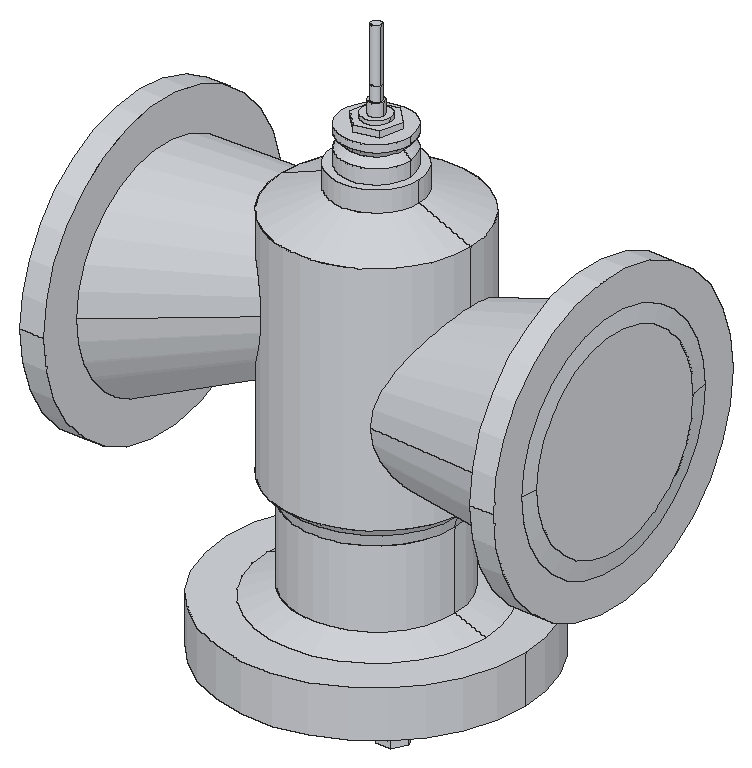
Revit family "2FGB_PN16_DN125_RFA_2019", category Pipe Accessories, Revit 2019
Family settings
  Round Connector Dimension = Use Diameter
  Part Type = Valve - Breaks Into
  Work Plane-Based = No
  Always vertical = Yes
  Cut with Voids When Loaded = No
  Shared = No
Parameters (values of type "2FGB PN16 DN125")
  magiProductId = ""
  magiProductFamilyId = ""
  magiPartTypeId = 306
  isMeasuringValve [instance] = no
  ang2D [instance] = 0.00°
  Z9 = 4.2 mm
  Z8 = 5.7 mm
  Z7 = 3 mm
  Z6 = 6 mm
  Z5 = 6 mm
  Z4 = 12 mm
  Z3 = 196.45 mm
  Z19 = 9.9 mm
  Z15 = 48.65 mm
  Z14__ve = -Z14  # -17.375 mm
  Z14 = 17.375 mm
  Z13 = 9.22 mm
  Z12 = 64.54 mm
  Z10 = 5.1 mm
  X4 = 39.6 mm
  X2__ve = -X2  # -19.8 mm
  X2 = 19.8 mm
  X1 = 2 mm
  W2D = 125 mm
  VersionID = ""
  Use Minimum Symbol Size [instance] = yes
  URL = "www.hydronix.cz"
  Type Comments = "Přírubový; EQM charakteristika; PN16; -10~+150°C"
  R9 = 4 mm
  R7 = 11.547 mm
  R6 = 19.246 mm
  R5 = 22.81 mm
  R4 = 28.512 mm
  R3 = 35.64 mm
  R2 = 68.625 mm
  R13 = 65.88 mm
  R12 = 6.062 mm
  R1 = 54.9 mm
  QmdConnectorList = "301;D;302;D"
  Productdata [instance] = "2FGB125 (DN125; PN16; kvs200)"
  Manufacturer = "Hydronix"
  Maintenance Zone Under Depth [instance] = 207 mm
  Maintenance Zone Right Depth [instance] = 175 mm
  Maintenance Zone Over Depth [instance] = 221 mm
  Maintenance Zone Left Depth [instance] = 175 mm
  Maintenance Zone Front Depth [instance] = 110 mm
  Maintenance Zone Back Depth [instance] = 110 mm
  Maintenance Zone Front Visibility [instance] = no
  LT2 = 200 mm
  L2D_Min = 3048 mm
  L2D = 400 mm
  HCDT2 = 91.5 mm
  H4 = 234 mm
  H3 = 139 mm
  H2 = 45 mm
  FDT2 = 125 mm
  Description = "2 cestný regulační ventil přírubový; DN125; PN16; kvs200; zdvih 45mm"
  D4 = 81.6 mm
  D3 = 96 mm
  D2 = 79.2 mm
  D = 125 mm
  CenSd_R6_6 = R6 * cos(30.00°)  # 16.667 mm
  CenSd_A_6 = A * cos(30.00°)  # 10.825 mm
  Clearance Zone Height Depth [instance] = 221 mm
  CZONC [instance] = 175 mm
  Clearance Zone Visibility [instance] = no
  B1 = 74.246 mm
  A = 12.5 mm
Types (5, lengths in mm): name | Z9 | Z8 | Z6 | Z5 | Z4 | Z3 | Z19 | Z15 | Z14__ve | Z14 | Z13 | Z12 | Z10 | X4 | X2__ve | X2 | W2D | R7 | R6 | R5 | R4 | R3 | R2 | R13 | R12 | R1 | Productdata | LT2 | L2D | HCDT2 | H4 | H3 | H2 | FDT2 | Description | D4 | D3 | D2 | D | CenSd_R6_6 | CenSd_A_6 | B1 | A
  2FGB PN16 DN100 | 4.165 | 5.602 | 5.95 | 5.95 | 11.9 | 168.575 | 9.767 | 40.775 | -14.562 | 14.562 | 8.12 | 56.84 | 5.082 | 34.6 | -17.3 | 17.3 | 100 | 10.089 | 16.816 | 19.93 | 24.912 | 31.14 | 57.375 | 55.08 | 5.297 | 45.9 | "2FGB100 (DN100; PN16; kvs130)" | 175 | 350 | 76.5 | 207 | 116.5 | 45 | 110 | "2 cestný regulační ventil přírubový; DN100; PN16; kvs130; zdvih 45mm" | 68.85 | 81 | 69.2 | 100 | 14.563 | 9.526 | 63.64 | 11
  2FGB PN16 DN080 | 4.2 | 5.7 | 6 | 6 | 12 | 151.95 | 9.9 | 36.75 | -13.125 | 13.125 | 7.32 | 51.24 | 5.1 | 30.6 | -15.3 | 15.3 | 80 | 8.923 | 14.872 | 17.626 | 22.032 | 27.54 | 49.875 | 47.88 | 4.685 | 39.9 | "2FGB80 (DN80; PN16; kvs100)" | 155 | 310 | 66.5 | 187 | 105 | 45 | 100 | "2 cestný regulační ventil přírubový; DN80; PN16; kvs100; zdvih 45mm" | 60.35 | 71 | 61.2 | 80 | 12.879 | 8.66 | 56.569 | 10
  2FGB PN16 DN065 | 4.2 | 5.7 | 6 | 6 | 12 | 139.45 | 9.9 | 33.25 | -11.875 | 11.875 | 6.82 | 47.74 | 5.1 | 28.6 | -14.3 | 14.3 | 65 | 8.34 | 13.9 | 16.474 | 20.592 | 25.74 | 44.25 | 42.48 | 4.378 | 35.4 | "2FGB65 (DN65; PN16; kvs63)" | 145 | 290 | 59 | 175 | 95 | 25 | 92.5 | "2 cestný regulační ventil přírubový; DN65; PN16; kvs63; zdvih 25mm" | 53.975 | 63.5 | 57.2 | 65 | 12.037 | 8.011 | 51.265 | 9.25
  2FGB PN16 DN150 | 4.2 | 5.7 | 6 | 6 | 12 | 227.45 | 9.9 | 54.95 | -19.625 | 19.625 | 10.97 | 76.79 | 5.1 | 47.6 | -23.8 | 23.8 | 150 | 13.88 | 23.134 | 27.418 | 34.272 | 42.84 | 77.625 | 74.52 | 7.287 | 62.1 | "2FGB150 (DN150; PN16; kvs300)" | 240 | 480 | 103.5 | 277 | 157 | 45 | 142.5 | "2 cestný regulační ventil přírubový; DN150; PN16; kvs300; zdvih 45mm" | 92.65 | 109 | 95.2 | 150 | 20.034 | 12.341 | 84.853 | 14.25
  2FGB PN16 DN125 | 4.2 | 5.7 | 6 | 6 | 12 | 196.45 | 9.9 | 48.65 | -17.375 | 17.375 | 9.22 | 64.54 | 5.1 | 39.6 | -19.8 | 19.8 | 125 | 11.547 | 19.246 | 22.81 | 28.512 | 35.64 | 68.625 | 65.88 | 6.062 | 54.9 | "2FGB125 (DN125; PN16; kvs200)" | 200 | 400 | 91.5 | 234 | 139 | 45 | 125 | "2 cestný regulační ventil přírubový; DN125; PN16; kvs200; zdvih 45mm" | 81.6 | 96 | 79.2 | 125 | 16.667 | 10.825 | 74.246 | 12.5
Reference planes
  plane 1 "Center (Front/Back)": y = 0
  plane 2 "XYPLANE": z = 0
  plane 3 "Center (Left/Right)": x = 0
  plane 4 "234": y = -74.246
  plane 5 "233": x = 74.246
  plane 6 "232": x = -74.246
  plane 7 "231": y = 74.246
  plane 8 "225": z = -224
  plane 9 "223": z = 221
  plane 10 "221": x = -175
  plane 11 "220": x = 175
  plane 12 "219": y = -110
  plane 13 "218": y = 110
  plane 14 "196": z = -207
  plane 15 "182": z = 199
  plane 16 "161": z = 187
  plane 17 "158": z = 181.3
  plane 18 "150": z = 177.1
  plane 19 "148": z = 174.1
  plane 20 "142": z = 169
  plane 21 "136": z = 163
  plane 22 "135": z = 157
  plane 23 "131": z = 151
  plane 24 "78": z = 104.25
  plane 25 "77": z = 121.625
  plane 26 "74": z = 139
  plane 27 "70": z = -92.2
  plane 28 "65": z = -101.42
  plane 29 "64": z = -110.64
  plane 30 "58": z = -175.18
  plane 31 "57": z = -184.4
  plane 32 "46": z = -234
  plane 33 "28": x = 178.2
  plane 34 "27": x = 198
  plane 35 "21": z = -20
  plane 36 "16": z = 48.65
  plane 37 "13": x = -178.2
  plane 38 "7": x = -198
  plane 39 "6": x = 200
  plane 40 "5": x = -200
  plane 41 "3": y = 0
  plane 42 "2": z = 0
  plane 43 "1": x = 0
Forms (mm)
  Extrusion 1, solid
    sketch origin (-750, 0, -234) x (1, 0, 0) y (0, 1, 0)
      loop
        line (836.746, -74.246) -> (830.496, -63.421) -> (817.996, -63.421) -> (811.746, -74.246) -> (817.996, -85.072) -> (830.496, -85.072) -> (836.746, -74.246)
    from 0 to 10
  Extrusion 2, solid
    sketch origin (-750, 0, -234) x (1, 0, 0) y (0, 1, 0)
      loop
        line (688.254, -74.246) -> (682.004, -63.421) -> (669.504, -63.421) -> (663.254, -74.246) -> (669.504, -85.072) -> (682.004, -85.072) -> (688.254, -74.246)
    from 0 to 10
  Extrusion 3, solid
    sketch origin (-750, 0, -234) x (1, 0, 0) y (0, 1, 0)
      loop
        line (836.746, 74.246) -> (830.496, 85.072) -> (817.996, 85.072) -> (811.746, 74.246) -> (817.996, 63.421) -> (830.496, 63.421) -> (836.746, 74.246)
    from 0 to 10
  Extrusion 4, solid
    sketch origin (-750, 0, -234) x (1, 0, 0) y (0, 1, 0)
      loop
        line (688.254, 74.246) -> (682.004, 85.072) -> (669.504, 85.072) -> (663.254, 74.246) -> (669.504, 63.421) -> (682.004, 63.421) -> (688.254, 74.246)
    from 0 to 10
  Blend 5, solid, visible <- "Maintenance Zone Front Visibility"
    base sketch origin (-750, 0, 221) x (1, 0, 0) y (0, 1, 0)
      loop
        line (575, 110) -> (575, -110) -> (925, -110) -> (925, 110) -> (575, 110)
    top sketch origin (-750, 0, 221) x (1, 0, 0) y (0, 1, 0)
      loop
        line (575, 110) -> (575, -110) -> (925, -110) -> (925, 110) -> (575, 110)
    from 0 to -428
  Extrusion 6, solid, visible <- "Clearance Zone Visibility"
    sketch origin (-750, 0, 0) x (1, 0, 0) y (0, 1, 0)
      loop
        circle (750, 0) r 175
    from 0 to 221 <- "Clearance Zone Height Depth"
  Extrusion 7, solid
    sketch origin (-750, 0, 177.1) x (1, 0, 0) y (0, 1, 0)
      loop
        circle (750, 0) r 6.062
    from 0 to 9.9 <- "Z19"
  Extrusion 8, solid
    sketch origin (-750, 0, 199) x (1, 0, 0) y (0, 1, 0)
      loop
        circle (750, 0) r 4
    from 0 to 45 <- "H2"
  Extrusion 9, solid
    sketch origin (-750, 0, 187) x (1, 0, 0) y (0, 1, 0)
      loop
        circle (750, 0) r 4
    from 0 to 12 <- "Z4"
  Extrusion 10, solid
    sketch origin (-750, 0, 174.1) x (1, 0, 0) y (0, 1, 0)
      loop
        circle (750, 0) r 11.547
    from 0 to 3 <- "Z7"
  Extrusion 11, solid
    sketch origin (-750, 0, 169) x (1, 0, 0) y (0, 1, 0)
      loop
        line (763.609, -13.609) -> (768.59, 4.981) -> (754.981, 18.59) -> (736.391, 13.609) -> (731.41, -4.981) -> (745.019, -18.59) -> (763.609, -13.609)
    from 0 to 5.1 <- "Z10"
  Extrusion 12, solid
    sketch origin (-750, 0, 163) x (1, 0, 0) y (0, 1, 0)
      loop
        circle (750, 0) r 28.512
    from 0 to 6 <- "Z6"
  Blend 13, solid
    base sketch origin (-750, 0, 157) x (1, 0, 0) y (0, 1, 0)
      loop
        circle (750, 0) r 22.81
    top sketch origin (-750, 0, 157) x (1, 0, 0) y (0, 1, 0)
      loop
        circle (750, 0) r 28.512
    from 0 to 6
  Blend 14, solid
    base sketch origin (-750, 0, 151) x (1, 0, 0) y (0, 1, 0)
      loop
        circle (750, 0) r 28.512
    top sketch origin (-750, 0, 151) x (1, 0, 0) y (0, 1, 0)
      loop
        circle (750, 0) r 22.81
    from 0 to 6
  Extrusion 15, solid
    sketch origin (-750, 0, 139) x (1, 0, 0) y (0, 1, 0)
      loop
        circle (750, 0) r 28.512
    from 0 to 12 <- "Z4"
  Extrusion 16, solid
    sketch origin (-750, 0, 139) x (1, 0, 0) y (0, 1, 0)
      loop
        circle (750, 0) r 35.64
    from 0 to -17.375 <- "Z14__ve"
  Blend 17, solid
    base sketch origin (-750, 0, 104.25) x (1, 0, 0) y (0, 1, 0)
      loop
        circle (750, 0) r 79.2
    top sketch origin (-750, 0, 104.25) x (1, 0, 0) y (0, 1, 0)
      loop
        circle (750, 0) r 35.64
    from 0 to 17.375
  Blend 18, solid
    base sketch origin (-750, 0, -101.42) x (1, 0, 0) y (0, 1, 0)
      loop
        circle (750, 0) r 68.625
    top sketch origin (-750, 0, -101.42) x (1, 0, 0) y (0, 1, 0)
      loop
        circle (750, 0) r 79.2
    from 0 to 9.22
  Blend 19, solid
    base sketch origin (-750, 0, -110.64) x (1, 0, 0) y (0, 1, 0)
      loop
        circle (750, 0) r 65.88
    top sketch origin (-750, 0, -110.64) x (1, 0, 0) y (0, 1, 0)
      loop
        circle (750, 0) r 68.625
    from 0 to 9.22
  Extrusion 20, solid
    sketch origin (-750, 0, -175.18) x (1, 0, 0) y (0, 1, 0)
      loop
        circle (750, 0) r 65.88
    from 0 to 64.54 <- "Z12"
  Blend 21, solid
    base sketch origin (-750, 0, -184.4) x (1, 0, 0) y (0, 1, 0)
      loop
        circle (750, 0) r 91.5
    top sketch origin (-750, 0, -184.4) x (1, 0, 0) y (0, 1, 0)
      loop
        circle (750, 0) r 65.88
    from 0 to 9.22
  Extrusion 22, solid
    sketch origin (-750, 0, -224) x (1, 0, 0) y (0, 1, 0)
      loop
        circle (750, 0) r 125
    from 0 to 39.6 <- "X4"
  Blend 23, solid
    base sketch origin (198, -750, 0) x (0, 1, 0) y (0, 0, 1)
      loop
        circle (750, 0) r 96
    top sketch origin (198, -750, 0) x (0, 1, 0) y (0, 0, 1)
      loop
        circle (750, 0) r 81.6
    from 0 to 2
  Blend 24, solid
    base sketch origin (-200, -750, 0) x (0, 1, 0) y (0, 0, 1)
      loop
        circle (750, 0) r 81.6
    top sketch origin (-200, -750, 0) x (0, 1, 0) y (0, 0, 1)
      loop
        circle (750, 0) r 96
    from 0 to 2
  Extrusion 25, solid
    sketch origin (198, -750, 0) x (0, 1, 0) y (0, 0, 1)
      loop
        circle (750, 0) r 125
    from 0 to -19.8 <- "X2__ve"
  Blend 26, solid
    base sketch origin (0, -750, 0) x (0, 1, 0) y (0, 0, 1)
      loop
        circle (750, -20) r 54.9
    top sketch origin (0, -750, 0) x (0, 1, 0) y (0, 0, 1)
      loop
        circle (750, 0) r 91.5
    from 0 to 178.2
  Extrusion 27, solid
    sketch origin (-750, 0, -92.2) x (1, 0, 0) y (0, 1, 0)
      loop
        circle (750, 0) r 79.2
    from 0 to 196.45 <- "Z3"
  Blend 28, solid
    base sketch origin (-178.2, -750, 0) x (0, 1, 0) y (0, 0, 1)
      loop
        circle (750, 0) r 91.5
    top sketch origin (-178.2, -750, 0) x (0, 1, 0) y (0, 0, 1)
      loop
        circle (750, 48.65) r 54.9
    from 0 to 178.2
  Extrusion 29, solid
    sketch origin (-198, -750, 0) x (0, 1, 0) y (0, 0, 1)
      loop
        circle (750, 0) r 125
    from 0 to 19.8 <- "X2"
  Extrusion 30, solid, not visible
    sketch origin (200, -750, 0) x (0, 1, 0) y (0, 0, 1)
      loop
        circle (750, 0) r 10
    from 0 to -10
  Extrusion 31, solid, not visible
    sketch origin (-200, -750, 0) x (0, 1, 0) y (0, 0, 1)
      loop
        circle (750, 0) r 10
    from 0 to 10
Lines and regions (mm)
  reference lines, not visible
    curve 1: circle (2, 2, 0) r 1 normal (0, 0, 1)
  reference lines
    curve 2: line (74.246, -74.246, -234) -> (71.496, -69.483, -234)
    curve 3: line (74.246, -74.246, -234) -> (68.746, -74.246, -234)
    curve 4: line (74.246, -74.246, -234) -> (71.496, -79.009, -234)
    curve 5: line (-74.246, -74.246, -234) -> (-76.996, -69.483, -234)
    curve 6: line (-74.246, -74.246, -234) -> (-79.746, -74.246, -234)
    curve 7: line (-74.246, -74.246, -234) -> (-76.996, -79.009, -234)
    curve 8: line (74.246, 74.246, -234) -> (71.496, 79.009, -234)
    curve 9: line (74.246, 74.246, -234) -> (68.746, 74.246, -234)
    curve 10: line (74.246, 74.246, -234) -> (71.496, 69.483, -234)
    curve 11: line (-74.246, 74.246, -234) -> (-76.996, 79.009, -234)
    curve 12: line (-74.246, 74.246, -234) -> (-79.746, 74.246, -234)
    curve 13: line (-74.246, 74.246, -234) -> (-76.996, 69.483, -234)
    curve 14: line (0, 0, 169) -> (2.176, 8.121, 169)
    curve 15: line (0, 0, 169) -> (-5.945, 5.945, 169)
    curve 16: line (0, 0, 169) -> (-8.121, -2.176, 169)
Dimensions and locks
  plane 1 "Center (Front/Back)" to curve 1 = 2 mm
  "B1": plane 1 "Center (Front/Back)" to plane 4 "234"
  "B1": plane 3 "Center (Left/Right)" to plane 5 "233"
  "B1": plane 3 "Center (Left/Right)" to plane 6 "232"
  "B1": plane 1 "Center (Front/Back)" to plane 7 "231"
  locked: plane 32 "46" to plane 8 "225" at 10
  "Maintenance Zone Over Depth": plane 2 "XYPLANE" to plane 9 "223"
  "Maintenance Zone Left Depth": plane 3 "Center (Left/Right)" to plane 10 "221"
  "Maintenance Zone Right Depth": plane 3 "Center (Left/Right)" to plane 11 "220"
  "Maintenance Zone Front Depth": plane 1 "Center (Front/Back)" to plane 12 "219"
  "Maintenance Zone Back Depth": plane 1 "Center (Front/Back)" to plane 13 "218"
  "Maintenance Zone Under Depth": plane 2 "XYPLANE" to plane 14 "196"
  "Z4": plane 16 "161" to plane 15 "182"
  "Z8": plane 17 "158" to plane 16 "161"
  "Z9": plane 18 "150" to plane 17 "158"
  "Z7": plane 19 "148" to plane 18 "150"
  "Z10": plane 20 "142" to plane 19 "148"
  "Z6": plane 21 "136" to plane 20 "142"
  "Z5": plane 22 "135" to plane 21 "136"
  "Z5": plane 23 "131" to plane 22 "135"
  "Z4": plane 26 "74" to plane 23 "131"
  "Z14": plane 25 "77" to plane 24 "78"
  "Z14": plane 26 "74" to plane 25 "77"
  "H3": plane 2 "XYPLANE" to plane 26 "74"
  "Z13": plane 28 "65" to plane 27 "70"
  "Z13": plane 29 "64" to plane 28 "65"
  "Z12": plane 30 "58" to plane 29 "64"
  "Z13": plane 31 "57" to plane 30 "58"
  "X4": plane 8 "225" to plane 31 "57"
  "H4": plane 2 "XYPLANE" to plane 32 "46"
  "X2": plane 34 "27" to plane 33 "28"
  "X1": plane 39 "6" to plane 34 "27"
  locked: plane 42 "2" to plane 35 "21" at 20
  "Z15": plane 42 "2" to plane 36 "16"
  "X2": plane 38 "7" to plane 37 "13"
  "X1": plane 40 "5" to plane 38 "7"
  "LT2": plane 3 "Center (Left/Right)" to plane 39 "6"
  "LT2": plane 3 "Center (Left/Right)" to plane 40 "5"
  locked: plane 1 "Center (Front/Back)" to plane 41 "3"
  locked: plane 2 "XYPLANE" to plane 42 "2"
  locked: plane 3 "Center (Left/Right)" to plane 43 "1"
  "CenSd_A_6": curve 2 to Extrusion 1 sketch curve  (x2)
  "CenSd_A_6": curve 3 to Extrusion 1 sketch curve  (x2)
  "CenSd_A_6": curve 4 to Extrusion 1 sketch curve  (x2)
  "CenSd_A_6": curve 5 to Extrusion 2 sketch curve  (x2)
  "CenSd_A_6": curve 6 to Extrusion 2 sketch curve  (x2)
  "CenSd_A_6": curve 7 to Extrusion 2 sketch curve  (x2)
  "CenSd_A_6": curve 8 to Extrusion 3 sketch curve  (x2)
  "CenSd_A_6": curve 9 to Extrusion 3 sketch curve  (x2)
  "CenSd_A_6": curve 10 to Extrusion 3 sketch curve  (x2)
  "CenSd_A_6": curve 11 to Extrusion 4 sketch curve  (x2)
  "CenSd_A_6": curve 12 to Extrusion 4 sketch curve  (x2)
  "CenSd_A_6": curve 13 to Extrusion 4 sketch curve  (x2)
  "CenSd_R6_6": curve 14 to Extrusion 11 sketch curve  (x2)
  "CenSd_R6_6": curve 15 to Extrusion 11 sketch curve  (x2)
  "CenSd_R6_6": curve 16 to Extrusion 11 sketch curve  (x2)
  "CZONC": radius of Extrusion 6 sketch curve
  "R12": radius of Extrusion 7 sketch curve
  "R9": radius of Extrusion 8 sketch curve
  "R9": radius of Extrusion 9 sketch curve
  "R7": radius of Extrusion 10 sketch curve
  "R4": radius of Extrusion 12 sketch curve
  "R4": radius of Blend 13 sketch curve
  "R5": radius of Blend 13 sketch curve
  "R5": radius of Blend 14 sketch curve
  "R4": radius of Blend 14 sketch curve
  "R4": radius of Extrusion 15 sketch curve
  "R3": radius of Extrusion 16 sketch curve
  "R3": radius of Blend 17 sketch curve
  "D2": radius of Blend 17 sketch curve
  "D2": radius of Blend 18 sketch curve
  "R2": radius of Blend 18 sketch curve
  "R2": radius of Blend 19 sketch curve
  "R13": radius of Blend 19 sketch curve
  "R13": radius of Extrusion 20 sketch curve
  "R13": radius of Blend 21 sketch curve
  "HCDT2": radius of Blend 21 sketch curve
  "FDT2": radius of Extrusion 22 sketch curve
  "D4": radius of Blend 23 sketch curve
  "D3": radius of Blend 23 sketch curve
  "D3": radius of Blend 24 sketch curve
  "D4": radius of Blend 24 sketch curve
  "FDT2": radius of Extrusion 25 sketch curve
  "HCDT2": radius of Blend 26 sketch curve
  "R1": radius of Blend 26 sketch curve
  "D2": radius of Extrusion 27 sketch curve
  "R1": radius of Blend 28 sketch curve
  "HCDT2": radius of Blend 28 sketch curve
  "FDT2": radius of Extrusion 29 sketch curve
  locked: curve 3 to curve 2 (angle 60.00°)
  locked: curve 4 to curve 3 (angle 60.00°)
  locked: curve 4 to curve 2 (angle 120.00°)
  locked: curve 6 to curve 5 (angle 60.00°)
  locked: curve 7 to curve 6 (angle 60.00°)
  locked: curve 7 to curve 5 (angle 120.00°)
  locked: curve 9 to curve 8 (angle 60.00°)
  locked: curve 10 to curve 9 (angle 60.00°)
  locked: curve 10 to curve 8 (angle 120.00°)
  locked: curve 12 to curve 11 (angle 60.00°)
  locked: curve 13 to curve 12 (angle 60.00°)
  locked: curve 13 to curve 11 (angle 120.00°)
  locked: curve 15 to curve 14 (angle 60.00°)
  locked: curve 16 to curve 15 (angle 60.00°)
  locked: curve 16 to curve 14 (angle 120.00°)
  aligned and locked: level to plane 2 "XYPLANE"
  aligned and locked: plane 4 "234" to curve 2
  aligned and locked: plane 5 "233" to curve 2
  aligned and locked: plane 4 "234" to curve 5
  aligned and locked: plane 6 "232" to curve 5
  aligned and locked: plane 5 "233" to curve 8
  aligned and locked: plane 7 "231" to curve 8
  aligned and locked: plane 6 "232" to curve 11
  aligned and locked: plane 7 "231" to curve 11
  aligned and locked: plane 13 "218" to Blend 5 sketch curve  (x4)
  aligned and locked: plane 12 "219" to Blend 5 sketch curve  (x4)
  aligned and locked: plane 10 "221" to Blend 5 sketch curve  (x4)
  aligned and locked: plane 11 "220" to Blend 5 sketch curve  (x4)
  aligned and locked: Blend 5 to plane 14 "196"
  aligned and locked: plane 41 "3" to Extrusion 6 sketch curve
  aligned and locked: plane 43 "1" to Extrusion 6 sketch curve
  aligned and locked: plane 41 "3" to Extrusion 7 sketch curve
  aligned and locked: plane 43 "1" to Extrusion 7 sketch curve
  aligned and locked: plane 41 "3" to Extrusion 8 sketch curve
  aligned and locked: plane 43 "1" to Extrusion 8 sketch curve
  aligned and locked: plane 41 "3" to Extrusion 9 sketch curve
  aligned and locked: plane 43 "1" to Extrusion 9 sketch curve
  aligned and locked: plane 41 "3" to Extrusion 10 sketch curve
  aligned and locked: plane 43 "1" to Extrusion 10 sketch curve
  aligned and locked: plane 41 "3" to curve 14
  aligned and locked: plane 43 "1" to curve 14
  aligned and locked: plane 41 "3" to Extrusion 12 sketch curve
  aligned and locked: plane 43 "1" to Extrusion 12 sketch curve
  aligned and locked: plane 41 "3" to Blend 13 sketch curve  (x2)
  aligned and locked: plane 43 "1" to Blend 13 sketch curve  (x2)
  aligned and locked: plane 21 "136" to Blend 13
  aligned and locked: plane 41 "3" to Blend 14 sketch curve  (x2)
  aligned and locked: plane 43 "1" to Blend 14 sketch curve  (x2)
  aligned and locked: plane 22 "135" to Blend 14
  aligned and locked: plane 41 "3" to Extrusion 15 sketch curve
  aligned and locked: plane 43 "1" to Extrusion 15 sketch curve
  aligned and locked: plane 41 "3" to Extrusion 16 sketch curve
  aligned and locked: plane 43 "1" to Extrusion 16 sketch curve
  aligned and locked: plane 41 "3" to Blend 17 sketch curve  (x2)
  aligned and locked: plane 43 "1" to Blend 17 sketch curve  (x2)
  aligned and locked: plane 25 "77" to Blend 17
  aligned and locked: plane 41 "3" to Blend 18 sketch curve  (x2)
  aligned and locked: plane 43 "1" to Blend 18 sketch curve  (x2)
  aligned and locked: plane 27 "70" to Blend 18
  aligned and locked: plane 41 "3" to Blend 19 sketch curve  (x2)
  aligned and locked: plane 43 "1" to Blend 19 sketch curve  (x2)
  aligned and locked: plane 28 "65" to Blend 19
  aligned and locked: plane 41 "3" to Extrusion 20 sketch curve
  aligned and locked: plane 43 "1" to Extrusion 20 sketch curve
  aligned and locked: plane 41 "3" to Blend 21 sketch curve  (x2)
  aligned and locked: plane 43 "1" to Blend 21 sketch curve  (x2)
  aligned and locked: plane 30 "58" to Blend 21
  aligned and locked: plane 41 "3" to Extrusion 22 sketch curve
  aligned and locked: plane 43 "1" to Extrusion 22 sketch curve
  aligned and locked: Blend 23 sketch curve to plane 41 "3"  (x2)
  aligned and locked: plane 42 "2" to Blend 23 sketch curve  (x2)
  aligned and locked: plane 39 "6" to Blend 23
  aligned and locked: Blend 24 sketch curve to plane 41 "3"  (x2)
  aligned and locked: plane 42 "2" to Blend 24 sketch curve  (x2)
  aligned and locked: plane 38 "7" to Blend 24
  aligned and locked: Extrusion 25 sketch curve to plane 41 "3"
  aligned and locked: plane 42 "2" to Extrusion 25 sketch curve
  aligned and locked: Blend 26 sketch curve to plane 41 "3"  (x2)
  aligned and locked: plane 42 "2" to Blend 26 sketch curve
  aligned and locked: plane 35 "21" to Blend 26 sketch curve
  aligned and locked: plane 33 "28" to Blend 26
  aligned and locked: plane 41 "3" to Extrusion 27 sketch curve
  aligned and locked: plane 43 "1" to Extrusion 27 sketch curve
  aligned and locked: plane 36 "16" to Blend 28 sketch curve
  aligned and locked: plane 41 "3" to Blend 28 sketch curve
  aligned and locked: Blend 28 sketch curve to plane 41 "3"
  aligned and locked: plane 42 "2" to Blend 28 sketch curve
  aligned and locked: plane 43 "1" to Blend 28
  aligned and locked: Extrusion 29 sketch curve to plane 41 "3"
  aligned and locked: plane 42 "2" to Extrusion 29 sketch curve
  aligned and locked: Extrusion 30 sketch curve to plane 41 "3"
  aligned and locked: plane 42 "2" to Extrusion 30 sketch curve
  aligned and locked: Extrusion 31 sketch curve to plane 41 "3"
  aligned and locked: plane 42 "2" to Extrusion 31 sketch curve
Automatic sketch dimensions
  plane 1 "Center (Front/Back)" to curve 16 = 2.176 mm
  plane 1 "Center (Front/Back)" to Extrusion 30 sketch curve = 10 mm
  plane 1 "Center (Front/Back)" to Extrusion 31 sketch curve = 10 mm
  plane 3 "Center (Left/Right)" to curve 1 = 2 mm
  radius of curve 1 = 1 mm
Connectors
  piping at (-200, 0, 0), diameter 125, driven by "D"
    settings: on Extrusion 31, index 1, connector inside diameter 609.6 mm, connector length 0 mm, flow factor 0, pipe flow 0.0 L/s, pressure drop 0.0 Pa, fitting loss kfactor 0, connector angle 0.00°, fixture units 0, engagement length 0 mm, angle of deflection 0.00°, flow configuration 0, flow direction 0, fitting loss method 0, system type 29, joint type 0, gender type 0, connector reference index 2, connector utility 0, adjustable connector no, is connector primary yes, connector description ""
  piping at (200, 0, 0), diameter 125, driven by "D"
    settings: on Extrusion 30, index 2, connector inside diameter 609.6 mm, connector length 0 mm, flow factor 0, pipe flow 0.0 L/s, pressure drop 0.0 Pa, fitting loss kfactor 0, connector angle 0.00°, fixture units 0, engagement length 0 mm, angle of deflection 0.00°, flow configuration 0, flow direction 0, fitting loss method 0, system type 29, joint type 0, gender type 0, connector reference index 1, connector utility 0, adjustable connector no, is connector primary no, connector description ""
